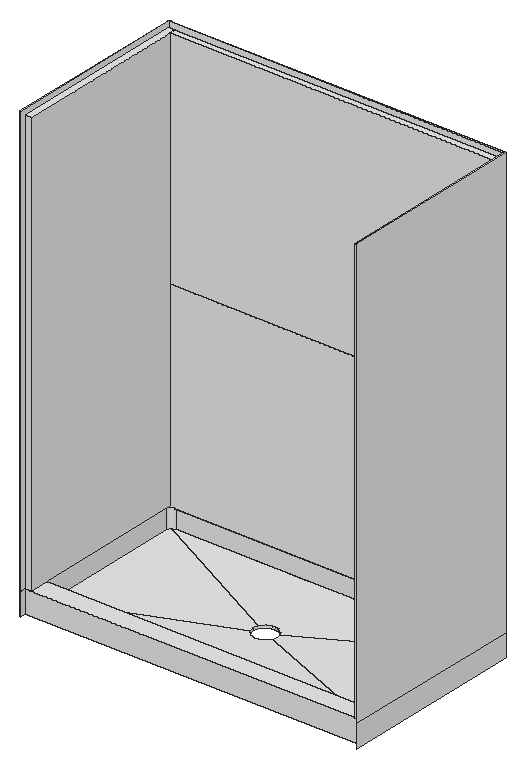
Revit family "5LBS6032FB.V2", category Plumbing Fixtures, Revit 2019
Family settings
  Round Connector Dimension = Use Diameter
  Part Type = Normal
  OmniClass Number = 23.45.05.14.17
  OmniClass Title = Showers
  Work Plane-Based = No
  Always vertical = Yes
  Cut with Voids When Loaded = No
  Shared = No
  Room Calculation Point = No
Parameters (values of type "5LRS6032FB")
  Unit Width = 60"
  Unit Height = 80 1/2"
  Unit Depth = 33"
  URL = "http://www.bestbath.com/"
  Type Comments = "Remodeler"
  Model = "5LBS6032FB"
  Material [instance] = Best Bath Gelcoat Fiberglass - RealTile
  Manufacturer = "Best Bath Systems, Inc."
  Keynote = "22 40 00.B3"
  Description = "Real Tile Finish"
  Assembly Code = "D2010710"
Reference planes (in)
  plane 1: z = 0
  plane 2 "Left": x = 0
  plane 3: z = 79.5
  plane 4: z = 80.5
  plane 5: y = 4.36165
  plane 6: y = 36.36165
  plane 7: x = 60
  plane 8: y = 35.11165
  plane 9: y = 20.36165
  plane 10: x = 30
  plane 11: z = 0.375
  plane 12: z = 0.75
  plane 13: z = 39.5
  plane 14: z = 4
  plane 15: y = 3.36165
Forms (in)
  Extrusion 1, solid, material "Best Bath Gelcoat Fiberglass - Smooth"
    sketch origin (0, 0, 0) x (1, 0, 0) y (0, 1, 0)
      loop
        line (0, 4.36165) -> (60, 4.36165) -> (60, 36.36165) -> (0, 36.36165) -> (0, 4.36165)
      loop
        circle (30, 20.36165) r 2.125
    from 0 to 0.75
  Extrusion 2, solid, material "Best Bath Gelcoat Fiberglass - Smooth"
    sketch origin (0, 0, 0) x (1, 0, 0) y (0, 1, 0)
      loop
        line (1.25, 36.36165) -> (1.25, 35.11165) -> (58.75, 35.11165) -> (58.75, 36.36165) -> (1.25, 36.36165)
    from 4 to 39.5
  Blend 3, void
    base sketch origin (0, 0, 0) x (1, 0, 0) y (0, 1, 0)
      loop
        line (1.25, 8.38049) -> (58.75, 8.38049) -> (58.75, 35.11165) -> (1.25, 35.11165) -> (1.25, 8.38049)
    top sketch origin (0, 0, 0) x (1, 0, 0) y (0, 1, 0)
      loop
        circle (30, 20.36165) r 0.07952
    from 0.75 to 0.375
  Extrusion 4, solid, material "Best Bath Gelcoat Fiberglass - Smooth"
    sketch origin (0, 0, 0) x (1, 0, 0) y (0, 1, 0)
      loop
        line (1.25, 36.36165) -> (1.25, 35.11165) -> (58.75, 35.11165) -> (58.75, 36.36165) -> (1.25, 36.36165)
    from 39.5 to 79.5
  Extrusion 5, solid, material "Best Bath Gelcoat Fiberglass - Smooth"
    sketch origin (0.25, 0, 0) x (1, 0, 0) y (0, 1, 0)
      loop
        line (-0.25, 4.36165) -> (1, 4.36165) -> (1, 36.36165) -> (-0.25, 36.36165) -> (-0.25, 4.36165)
      loop
        line (59.75, 4.36165) -> (59.75, 36.36165) -> (58.5, 36.36165) -> (58.5, 4.36165) -> (59.75, 4.36165)
    from 4 to 79.5
  Extrusion 6, solid, material "Best Bath Gelcoat Fiberglass - Smooth"
    sketch origin (0, 0, 0) x (1, 0, 0) y (0, 1, 0)
      loop
        line (0, 36.36165) -> (0, 4.36165) -> (1.25, 4.36165) -> (1.25, 34.11165)
        arc (1.25, 34.11165) -> (1.54289, 34.81875) -> (2.25, 35.11165) r 1
        line (2.25, 35.11165) -> (57.75, 35.11165)
        arc (57.75, 35.11165) -> (58.45711, 34.81875) -> (58.75, 34.11165) r 1
        line (58.75, 34.11165) -> (58.75, 4.36165) -> (60, 4.36165) -> (60, 35.11165) -> (60, 36.36165) -> (0, 36.36165)
    from 0 to 4
  Sweep 7, solid, material "Best Bath Gelcoat Fiberglass - Smooth"
    path origin (0, 0, 0) x (1, 0, 0) y (0, 1, 0)
      loop
        line (1.25, 4.36165) -> (58.75, 4.36165)
    profile origin (30, 4.36165, 0) x (0, 1, 0) y (0, 0, 1)
      loop
        line (0, 0) -> (4.15, 0) -> (3.35, 4) -> (0, 4) -> (0, 0)
  Extrusion 8, solid, material "Best Bath Gelcoat Fiberglass - Smooth"
    sketch origin (0, 0, 0) x (1, 0, 0) y (0, 1, 0)
      loop
        line (0, 4.36165) -> (0, 3.36165) -> (0.125, 3.36165) -> (0.125, 4.36165) -> (0, 4.36165)
      loop
        line (60, 4.36165) -> (59.875, 4.36165) -> (59.875, 3.36165) -> (60, 3.36165) -> (60, 4.36165)
    from 0 to 4
  Extrusion 9, solid, material "Best Bath Gelcoat Fiberglass - Smooth"
    sketch origin (0, 0, 0) x (1, 0, 0) y (0, 1, 0)
      loop
        line (0.125, 36.36165) -> (0.125, 36.23665) -> (59.875, 36.23665) -> (59.875, 36.36165) -> (0.125, 36.36165)
    from 79.5 to 80.5
  Extrusion 10, solid, material "Best Bath Gelcoat Fiberglass - Smooth"
    sketch origin (0, 0, 0) x (1, 0, 0) y (0, 1, 0)
      loop
        line (0, 3.36165) -> (0.125, 3.36165) -> (0.125, 36.36165) -> (0, 36.36165) -> (0, 3.36165)
      loop
        line (60, 3.36165) -> (60, 36.36165) -> (59.875, 36.36165) -> (59.875, 3.36165) -> (60, 3.36165)
    from 4 to 80.5
Cuts and joins
  Blend 3 cuts Extrusion 1
  joined: Extrusion 1, Extrusion 6, Sweep 7, Extrusion 8
  joined: Extrusion 4, Extrusion 9
  joined: Extrusion 5, Extrusion 10
Dimensions and locks (in)
  locked: plane 4 to plane 3 at 1
  "Unit Height": plane 4 to level
  equal spacing: plane 2 "Left", plane 10, plane 7, locked at 30 each
  "Unit Width": plane 2 "Left" to plane 7
  plane 6 to plane 8 = 1 1/4"
  locked: plane 6 to plane 9 at 16
  locked: plane 12 to level at 0.75
  locked: plane 12 to plane 11 at 0.375
  locked: plane 13 to plane 14 at 35.5
  locked: plane 14 to level at 4
  locked: plane 5 to plane 15 at 1
  "Unit Depth": plane 6 to plane 15
  aligned and locked: level to plane 1
  aligned and locked: Extrusion 1 sketch curve to plane 5
  aligned and locked: Extrusion 1 sketch curve to plane 2 "Left"
  aligned and locked: plane 6 to Extrusion 1 sketch curve
  aligned and locked: Extrusion 1 sketch curve to plane 7
  aligned and locked: plane 10 to Extrusion 1 sketch curve
  aligned and locked: plane 9 to Extrusion 1 sketch curve
  aligned and locked: plane 12 to Extrusion 1
  aligned and locked: plane 9 to Blend 3 sketch curve
  aligned and locked: plane 10 to Blend 3 sketch curve
  aligned and locked: Extrusion 1 to Blend 3
  aligned and locked: Blend 3 to plane 11
  aligned and locked: plane 13 to Extrusion 2
  aligned and locked: Extrusion 4 to Extrusion 2
  aligned and locked: plane 3 to Extrusion 4
  aligned and locked: plane 3 to Extrusion 5
  aligned and locked: plane 14 to Extrusion 6
  aligned and locked: Extrusion 5 to plane 14
  aligned and locked: plane 14 to cut or joined group of Extrusion 1, Blend 3, Extrusion 6, Sweep 7, Extrusion 8
  aligned and locked: Extrusion 2 to plane 14
  aligned and locked: Extrusion 8 to Extrusion 2
  aligned and locked: Extrusion 9 to plane 3
  aligned and locked: plane 4 to Extrusion 9
  aligned and locked: Extrusion 10 to Extrusion 2
  aligned and locked: plane 4 to Extrusion 10
Automatic sketch dimensions
  Extrusion 2 sketch curve to plane 8 = 0"
  Extrusion 2 sketch curve to plane 6 = 0"
  plane 2 "Left" to Extrusion 2 sketch curve = 1 1/4"
  plane 7 to Extrusion 2 sketch curve = 1 1/4"
  Blend 3 sketch curve to plane 8 = 0"
  plane 2 "Left" to Blend 3 sketch curve = 1 1/4"
  plane 7 to Blend 3 sketch curve = 1 1/4"
  plane 5 to Blend 3 sketch curve = 4.01884"
  Extrusion 4 sketch curve to plane 8 = 0"
  Extrusion 4 sketch curve to plane 6 = 0"
  plane 2 "Left" to Extrusion 4 sketch curve = 1 1/4"
  plane 7 to Extrusion 4 sketch curve = 1 1/4"
  Extrusion 5 sketch curve to plane 2 "Left" = 0"
  Extrusion 5 sketch curve to plane 5 = 0"  (x2)
  Extrusion 5 sketch curve to plane 6 = 0"  (x2)
  Extrusion 5 sketch curve to plane 7 = 0"
  Extrusion 5 sketch curve to Extrusion 5 sketch curve = 1 1/4"
  Extrusion 6 sketch curve to plane 2 "Left" = 0"
  Extrusion 6 sketch curve to plane 5 = 0"  (x2)
  Extrusion 6 sketch curve to plane 8 = 0"  (x2)
  Extrusion 6 sketch curve to plane 7 = 0"
  Extrusion 6 sketch curve to plane 6 = 0"
  Extrusion 6 sketch curve to Extrusion 6 sketch curve = 1 1/4"
  Extrusion 6 sketch curve to Extrusion 6 sketch curve = 1"
  Extrusion 6 sketch curve to plane 8 = 1"
  plane 7 to Extrusion 6 sketch curve = 2 1/4"
  Sweep 7 sketch curve to plane 5 = 0"
  plane 2 "Left" to Sweep 7 sketch curve = 1 1/4"
  plane 7 to Sweep 7 sketch curve = 1 1/4"
  Sweep 7 sketch curve to profile plane = 0"
  Sweep 7 sketch curve to level = 0"
  Sweep 7 sketch curve to profile plane = 3.35"
  Sweep 7 sketch curve to profile plane = 4.15"
  level to Sweep 7 sketch curve = 4"
  Extrusion 8 sketch curve to plane 2 "Left" = 0"
  Extrusion 8 sketch curve to plane 15 = 0"  (x2)
  Extrusion 8 sketch curve to plane 5 = 0"  (x2)
  Extrusion 8 sketch curve to plane 7 = 0"
  plane 2 "Left" to Extrusion 8 sketch curve = 1/8"
  Extrusion 8 sketch curve to Extrusion 8 sketch curve = 1/8"
  Extrusion 9 sketch curve to plane 6 = 0"
  Extrusion 9 sketch curve to plane 6 = 1/8"
  plane 2 "Left" to Extrusion 9 sketch curve = 1/8"
  plane 7 to Extrusion 9 sketch curve = 1/8"
  Extrusion 10 sketch curve to plane 2 "Left" = 0"
  Extrusion 10 sketch curve to plane 15 = 0"  (x2)
  Extrusion 10 sketch curve to plane 7 = 0"
  plane 2 "Left" to Extrusion 10 sketch curve = 1/8"
  Extrusion 10 sketch curve to Extrusion 10 sketch curve = 1/8"
  Extrusion 10 sketch curve to plane 6 = 0"  (x2)
  plane 7 to Extrusion 5 sketch curve = 1 1/4"
  radius of Extrusion 1 sketch curve = 2 1/8"
  radius of Blend 3 sketch curve = 0.07952"
